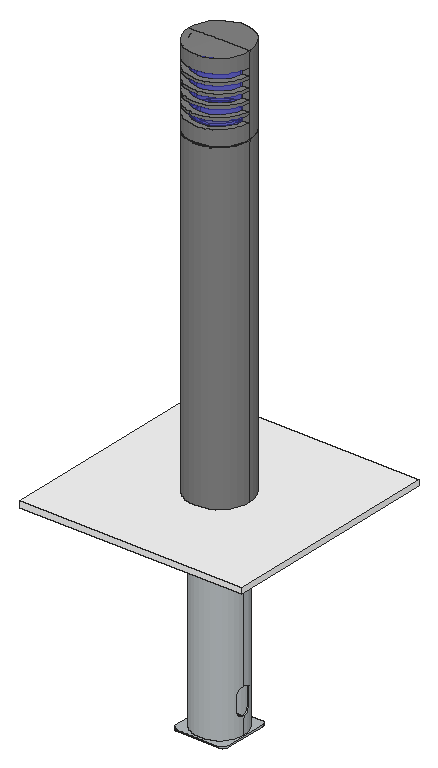
Revit family "BE_84316_de_DE", category Leuchten, Revit 2020
Family settings
  Basisbauteil = Fläche
  Bemaßung runder Anschluss = Durchmesser verwenden
  Teiletyp = Normal
  Beim Laden mit Abzugskörper schneiden = Ja
  Lichtquelle = Ja
  Gemeinsam genutzt = Nein
  Raumberechnungspunkt = Ja
Parameters (values of type "BEGA_84316_Grafit_K3")
  built-in parameter 1150104 = 17.866 (stored number, unit not read)
  Wattage = 3.9 W
  Default Elevation = 0 mm
  built-in parameter 1150113 = 1 (stored number, unit not read)
  built-in parameter 1114218 = 1 (stored number, unit not read)
  Umgebungstemperatur = "25 °C"
  URL = "https://www.bega.com/de/produkt/84316"
  Typenkommentare = "© 2022 BEGA. Wir behalten uns das Recht vor, technische Änderungen ohne vorherige Ankündigung vorzunehmen."  # constant formula
  Type Image = 84316.png
  built-in parameter 1150134 = (empty or 0)
  built-in parameter 1150109 = 1 (stored number, unit not read)
  Strom = ""
  built-in parameter 1150110 = 1 (stored number, unit not read)
  Spannung = 239.996 V
  Sonderanfertigung = no
  Seriennummer [instance] = "Hier können Sie die eindeutige Seriennummer für das Facility Management eintragen."
  Schutzklasse = "I"
  Schutzart = "IP 65"
  Scheinlast = 0 VA
  Produktdatenblatt = "https://cdn.bega.com/bega/products/84316AK3/current/documents/data-sheets/de"
  Oberflächentemperatur = ""
  Neigungswinkel = 0.00°
  Modell = "84316K3"
  Material_18 = BEGA_Gummi_schwarz
  Material_17 = BEGA_Reflektor
  Material_15 = BEGA_Leuchtmedium_matt
  Material_11 = BEGA_Glas_opal
  Material_09 = BEGA_Glas_klar
  Material_08 = BEGA_Oberfläche_Stahl_verzinkt
  Material_06 = BEGA_Oberfläche_Edelstahl_gebürstet
  Material_03 = BEGA_Oberfläche_Weiss_matt
  Material_02 = BEGA_Oberfläche_Silber_matt
  Material_01 [instance] = BEGA_Oberfläche_Grafit_matt
  M_W = no
  M_G = yes
  M_A = no
  Logo = 0
  built-in parameter 1114217 = 1 (stored number, unit not read)
  built-in parameter 1150139 = (empty or 0)
  built-in parameter 1150105 = 59.684 (stored number, unit not read)
  built-in parameter 1150114 = 1 (stored number, unit not read)
  Lumens = 750.009 lm
  built-in parameter 1150115 = 1 (stored number, unit not read)
  Leuchtenlichtstrom = "99 lm"
  Leuchtenanzahl = ""
  Lebensdauerkriterien = "L70B50 @ 25 °C = 200000 h"
  Lastklassifizierung = Beleuchtung
  built-in parameter 1150112 = 1 (stored number, unit not read)
  Lampenlichtstrom = "750 lm"
  Lampe = "LED 3.9 W"
  LED_Modulbezeichnung = "LED-0794/830"
  built-in parameter 1150142 = (empty or 0)
  Hersteller = "BEGA"  # constant formula
  Halbstreuwinkel = ""
  Gewicht = "5.25 kg"
  Gebrauchslageneinschränkung [instance] = ""
  Frequenz = "0/50-60 Hz"
  Farbwiedergabeindex = "CRI > 80"
  Farbtemperaturverschiebung bei Dämpfen der Lampe = <Keine Auswahl>
  Farbtemperatur = "3000 K"
  Color Filter = 16777215
  built-in parameter 1150133 = 10 (stored number, unit not read)
  Energieeffizienzklasse = "LED A++ - A"
  built-in parameter 1150137 = (empty or 0)
  built-in parameter 1150132 = (empty or 0)
  ENEC = "ja"
  Datei für fotometrisches Netz = "BE_84316K3.IES"
  CE_Konformität = "ja"
  Bestellnummer = "84316K3"
  Beschreibung_Sonderanfertigung = "Hier können Sie Informationen zur Sonderanfertigung eintragen."
  Beschreibung = "Garten- und Wegeleuchte"
  built-in parameter 1150106 = 0.59684 (stored number, unit not read)
  Befestigungsbohrung = ""
  Befestigungsabstand = ""
  Ballwurfsicher = ""
  BEGA_Intern_aus = yes
  BEGA_Intern_an = yes
  BEGA_Intern_Konstruktion = yes
  BEGA_Intern = yes
  BEGA_IES = yes
  BEGA_Dummy = no
  Anschlussleitung = ""
  Anschlussleistung [instance] = "5 W"
  built-in parameter 1150107 = 3000 (stored number, unit not read)
  built-in parameter 1150102 = (empty or 0)
  built-in parameter 1150138 = (empty or 0)
  Aktualisierung = "2022-05-19T04:00:07"
  Abstand_zur_angestrahlten_Fläche [instance] = ""
  AC/DC = "AC/DC"
Types (4, lengths in mm): name | built-in parameter 1150104 | built-in parameter 1150134 | Modell | M_G | M_A | built-in parameter 1150105 | Lumens | Leuchtenlichtstrom | Lampenlichtstrom | LED_Modulbezeichnung | Farbtemperatur | Datei für fotometrisches Netz | Bestellnummer | built-in parameter 1150106 | built-in parameter 1150107
  BEGA_84316_Grafit_K4 | 18.343 (stored number, unit not read) | 12 | "84316K4" | yes | no | 61.276 (stored number, unit not read) | 770.016 lm | "101 lm" | "770 lm" | "LED-0794/840" | "4000 K" | "BE_84316K4.IES" | "84316K4" | 0.61276 (stored number, unit not read) | 4000 (stored number, unit not read)
  BEGA_84316_Silber_K3 | 17.866 (stored number, unit not read) | (empty or 0) | "84316AK3" | no | yes | 59.684 (stored number, unit not read) | 750.009 lm | "99 lm" | "750 lm" | "LED-0794/830" | "3000 K" | "BE_84316K3.IES" | "84316AK3" | 0.59684 (stored number, unit not read) | 3000 (stored number, unit not read)
  BEGA_84316_Silber_K4 | 18.343 (stored number, unit not read) | 12 | "84316AK4" | no | yes | 61.276 (stored number, unit not read) | 770.016 lm | "101 lm" | "770 lm" | "LED-0794/840" | "4000 K" | "BE_84316K4.IES" | "84316AK4" | 0.61276 (stored number, unit not read) | 4000 (stored number, unit not read)
  BEGA_84316_Grafit_K3 | 17.866 (stored number, unit not read) | (empty or 0) | "84316K3" | yes | no | 59.684 (stored number, unit not read) | 750.009 lm | "99 lm" | "750 lm" | "LED-0794/830" | "3000 K" | "BE_84316K3.IES" | "84316K3" | 0.59684 (stored number, unit not read) | 3000 (stored number, unit not read)
Reference planes
  plane 1 "Mitte (Vorne/Hinten)": y = 0
  plane 2: z = 0
  plane 3 "Mitte (Links/Rechts)": x = 0
  plane 4 "Links": x = -55
  plane 5 "Rechts": x = 55.007
  plane 6 "Unten": y = -55
  plane 7 "Oben": y = 55
  plane 8 "Vorne": z = 730.771
  plane 9 "Hinten": z = -382.153
Forms (mm)
  Extrusion 1, solid, material "BEGA_Platte_Weiss"
    sketch origin (0, -1119.2, 0) x (1, 0, 0) y (0, 1, 0)
      loop
        line (-200, 1319.2) -> (-200, 919.2) -> (200, 919.2) -> (200, 1319.2) -> (-200, 1319.2)
    from 0 to -10
  Extrusion 2, solid, material "BEGA_Dummy_matt", visible <- "BEGA_Dummy"
    sketch origin (77.149, -76.023, 0) x (1, 0, 0) y (0, 1, 0)
      loop
        circle (-77.149, 76.023) r 63.378
    from 0 to 730.771
Dimensions and locks
  plane 1 "Mitte (Vorne/Hinten)" to Extrusion 1 = 200 mm
  aligned and locked: plane 2 to Extrusion 1
  aligned and locked: level to Extrusion 1
Nested families
  nested 1: "84316" at (0, 0, 0), type "84316"
Connectors
  electrical at (0, 0, 0), driven by "Lastklassifizierung", driven by "Spannung", driven by "Scheinlast"
    settings: index 1, voltage 239.996 V, apparent load 0 VA, apparent load phase1 0 VA, apparent load phase2 0 VA, apparent load phase3 0 VA, power factor 1, load classification "Beleuchtung", number of poles 1, system type 31, power factor state 1, is connector primary yes, connector utility no, sub classification motor no, connector description ""
Definition of nested family "84316"
  Parameters (values of type "84316")
    Default Elevation = 1 mm
    URL = "http://www.bega.de/de/produkt"
    Type Comments = "© 2015 BEGA. Wir behalten uns das Recht vor, technische Änderungen ohne vorherige Ankündigung vorzunehmen. "  # constant formula
    Type Image = (empty or 0)
    Neigungswinkel_um_Z2 = 0.00°
    Neigungswinkel_um_Z1 = 0.00°
    Neigungswinkel_um_Y2 = 0.00°
    Neigungswinkel_um_Y1 = 0.00°
    Neigungswinkel_um_X2 = 0.00°
    Neigungswinkel_um_X1 = 0.00°
    Material_18 = none
    Material_17 = none
    Material_15 = none
    Material_11 = none
    Material_09 = none
    Material_08 = none
    Material_06 = none
    Material_02 = none
    Material_01 = none
    M_W = yes
    M_G = yes
    M_A = yes
    Länge_Platte = 200 mm  # constant formula
    Höhe_Platte = -10 mm  # constant formula
    Manufacturer = "BEGA"  # constant formula
    Drehwinkel_um_Z2 = 0.00°
    Drehwinkel_um_Z1 = 0.00°
    Breite_Platte = 200 mm  # constant formula
  Reference planes
    plane 1 "Mitte (Oben/Unten)": y = 0
    plane 2: z = 0
    plane 3 "Mitte (Links/Rechts)": x = 0
    plane 4 "Links": x = -55
    plane 5 "Rechts": x = 55.007
    plane 6 "Oben": y = 55
    plane 7 "Unten": y = -55
    plane 8: z = -382.153
    plane 9: z = 730.771
  Forms (mm)
    Extrusion 1, solid, detail levels medium
      sketch origin (0, 0, 0) x (1, 0, 0) y (0, 1, 0)
        loop
          line (-100, 100) -> (-100, -100) -> (100, -100) -> (100, 100) -> (-100, 100)
      from 0 to -10 <- "Höhe_Platte"
    Revolve 2, solid, material <- "Material_18"
      sketch origin (0, 0, 0) x (1, 0, 0) y (0, 0, 1)
        loop
          circle (-42.401, 606.979) r 2.45
        axis (0, 606.979) -> (0, 605.979)
      angle from 0 to 360
    Revolve 3, solid, material <- "Material_08"
      sketch origin (0, 0, 0) x (1, 0, 0) y (0, 0, 1)
        loop
          line (-44.52, 120) -> (-44.52, -380.153) -> (-42.5, -380.153) -> (-42.5, 120) -> (-44.52, 120)
        axis (0, 120) -> (0, -380.153)
      angle from 0 to 360
    Extrusion 4, void
      sketch origin (0, 0, 0) x (0, 1, 0) y (0, 0, 1)
        loop
          line (-15.08, -315.039) -> (-15.08, -335.039)
          arc (-15.08, -335.039) -> (-0.08, -350.039) -> (14.92, -335.039) r 15
          line (14.92, -335.039) -> (14.92, -315.039)
          arc (14.92, -315.039) -> (-0.08, -300.039) -> (-15.08, -315.039) r 15
      from -47.8 to 47.8
    Revolve 5, solid, material <- "Material_01", visible <- "M_G"
      sketch origin (0, 0, 0) x (1, 0, 0) y (0, 0, 1)
        loop
          line (-55, 585.457) -> (-55, 0) -> (-53, 0) -> (-53, 566.457) -> (-43.122, 566.457) -> (-43.122, 603.547) -> (-45.358, 603.547) -> (-45.358, 608.328) -> (-51.426, 608.328) -> (-51.426, 587.457) -> (-54, 587.457) -> (-54, 585.457) -> (-55, 585.457)
        axis (0, 608.328) -> (0, 0)
      angle from 0 to 360
    Revolve 6, solid, material <- "Material_01", visible <- "M_G"
      sketch origin (0, 0, 0) x (1, 0, 0) y (0, 0, 1)
        loop
          line (-0.008, 727.705) -> (-0.008, 730.771) -> (-55, 729.936) -> (-55, 587.757) -> (-52.384, 587.757) -> (-52.384, 609.883) -> (-45.886, 609.883) -> (-44.277, 727.705) -> (-0.008, 727.705)
        axis (-0.008, 730.771) -> (-0.008, 587.757)
      angle from 0 to 360
    Extrusion 7, solid, material <- "Material_08"
      sketch origin (0, 0, 0) x (1, 0, 0) y (0, 1, 0)
        loop
          arc (-37.773, 47.786) -> (-44.844, 44.857) -> (-47.773, 37.786) r 10
          line (-47.773, 37.786) -> (-47.773, -37.714)
          arc (-47.773, -37.714) -> (-44.844, -44.785) -> (-37.773, -47.714) r 10
          line (-37.773, -47.714) -> (37.955, -47.714)
          arc (37.955, -47.714) -> (45.026, -44.785) -> (47.955, -37.714) r 10
          line (47.955, -37.714) -> (47.955, 37.786)
          arc (47.955, 37.786) -> (45.026, 44.857) -> (37.955, 47.786) r 10
          line (37.955, 47.786) -> (-37.773, 47.786)
        loop
          circle (0, 0) r 42.5
      from -382.153 to -380.153
    Revolve 8, solid, material <- "Material_11"
      sketch origin (0, 0, 0) x (1, 0, 0) y (0, 0, 1)
        loop
          line (0, 718.457) -> (-43.079, 718.457) -> (-44.998, 608.489) -> (-38, 608.489) -> (-38, 582.457) -> (-33.892, 582.457) -> (-33.892, 612.258) -> (-40.893, 612.258) -> (-39.109, 714.457) -> (0, 714.457) -> (0, 718.457)
        axis (0, 718.457) -> (0, 582.457)
      angle from 0 to 360
    Revolve 9, solid, material <- "Material_02", visible <- "M_A"
      sketch origin (0, 0, 0) x (1, 0, 0) y (0, 0, 1)
        loop
          line (-55, 585.457) -> (-55, 0) -> (-53, 0) -> (-53, 566.457) -> (-43.122, 566.457) -> (-43.122, 603.547) -> (-45.358, 603.547) -> (-45.358, 608.328) -> (-51.426, 608.328) -> (-51.426, 587.457) -> (-54, 587.457) -> (-54, 585.457) -> (-55, 585.457)
        axis (0, 608.328) -> (0, 0)
      angle from 0 to 360
    Extrusion 10, void
      sketch origin (0, 0, 0) x (0, 1, 0) y (0, 0, 1)
        loop
          line (-59.221, 704.733) -> (-59.221, 690.764) -> (-3, 690.764) -> (-3, 704.733) -> (-59.221, 704.733)
        loop
          line (-59.221, 685.764) -> (-59.221, 671.751) -> (-3, 671.751) -> (-3, 685.764) -> (-59.221, 685.764)
        loop
          line (-59.221, 666.808) -> (-59.221, 652.752) -> (-3, 652.752) -> (-3, 666.808) -> (-59.221, 666.808)
        loop
          line (-59.221, 647.777) -> (-59.221, 633.732) -> (-3, 633.732) -> (-3, 647.777) -> (-59.221, 647.777)
        loop
          line (-59.221, 628.789) -> (-59.221, 614.768) -> (-3, 614.768) -> (-3, 628.789) -> (-59.221, 628.789)
      from -60 to 60
    Revolve 11, solid, material <- "Material_02", visible <- "M_A"
      sketch origin (0, 0, 0) x (1, 0, 0) y (0, 0, 1)
        loop
          line (-0.008, 727.705) -> (-0.008, 730.771) -> (-55, 729.936) -> (-55, 587.757) -> (-52.384, 587.757) -> (-52.384, 609.883) -> (-45.886, 609.883) -> (-44.277, 727.705) -> (-0.008, 727.705)
        axis (-0.008, 730.771) -> (-0.008, 587.757)
      angle from 0 to 360
  Cuts and joins
    Extrusion 4 cuts Revolve 3
    joined: Revolve 3, Extrusion 7
    Extrusion 10 cuts Revolve 6
    Extrusion 10 cuts Revolve 11
  Dimensions and locks
    equal spacing: Extrusion 1 sketch curve, plane 3 "Mitte (Links/Rechts)", Extrusion 1 sketch curve
    equal spacing: Extrusion 1 sketch curve, plane 1 "Mitte (Oben/Unten)", Extrusion 1 sketch curve
    "Länge_Platte": Extrusion 1 sketch curve to Extrusion 1 sketch curve
    "Breite_Platte": Extrusion 1 sketch curve to Extrusion 1 sketch curve
    aligned and locked: plane 2 to Extrusion 1
    aligned and locked: level to Extrusion 1
  Automatic sketch dimensions
    Revolve 3 sketch curve to plane 3 "Mitte (Links/Rechts)" = 0 mm
    Revolve 3 sketch curve to plane 3 "Mitte (Links/Rechts)" = 42.5 mm
    Revolve 3 sketch curve to Revolve 3 sketch curve = 2.02 mm
    Revolve 3 sketch curve to Revolve 3 sketch curve = 14.847 mm
    Revolve 3 sketch curve to Revolve 3 sketch curve = 10 mm
    plane 1 "Mitte (Oben/Unten)" to Extrusion 4 sketch curve = 0.08 mm
    Extrusion 4 sketch curve to plane 1 "Mitte (Oben/Unten)" = 14.92 mm
    Extrusion 4 sketch curve to Extrusion 4 sketch curve = 20 mm
    plane 1 "Mitte (Oben/Unten)" to Extrusion 7 sketch curve = 0 mm
    Extrusion 7 sketch curve to plane 3 "Mitte (Links/Rechts)" = 0 mm
    Extrusion 7 sketch curve to plane 3 "Mitte (Links/Rechts)" = 37.773 mm  (x2)
    Extrusion 7 sketch curve to Extrusion 7 sketch curve = 10 mm  (x2)
    plane 3 "Mitte (Links/Rechts)" to Extrusion 7 sketch curve = 37.955 mm  (x2)
    plane 1 "Mitte (Oben/Unten)" to Extrusion 7 sketch curve = 37.714 mm
    Extrusion 7 sketch curve to plane 1 "Mitte (Oben/Unten)" = 37.786 mm
    Revolve 3 sketch curve to level = 380.153 mm
    Extrusion 4 sketch curve to level = 335.039 mm
    level to Revolve 3 sketch curve = 120 mm
    Revolve 2 sketch curve to plane 3 "Mitte (Links/Rechts)" = 0 mm
    plane 4 "Links" to Revolve 2 sketch curve = 12.599 mm
    Revolve 2 sketch curve to plane 9 = 123.792 mm
    Revolve 2 sketch curve to Revolve 2 sketch curve = 27.982 mm
    Revolve 2 sketch curve to Revolve 2 sketch curve = 25 mm
    Revolve 5 sketch curve to level = 0 mm
    Revolve 5 sketch curve to plane 4 "Links" = 0 mm
    Revolve 5 sketch curve to plane 3 "Mitte (Links/Rechts)" = 0 mm
    plane 4 "Links" to Revolve 5 sketch curve = 1 mm
    Revolve 5 sketch curve to Revolve 5 sketch curve = 1 mm
    plane 4 "Links" to Revolve 5 sketch curve = 3.574 mm
    Revolve 5 sketch curve to Revolve 5 sketch curve = 6.069 mm
    Revolve 5 sketch curve to Revolve 5 sketch curve = 2.235 mm
    Revolve 5 sketch curve to plane 9 = 145.314 mm
    Revolve 5 sketch curve to Revolve 5 sketch curve = 2 mm
    Revolve 5 sketch curve to Revolve 5 sketch curve = 16.09 mm
    Revolve 5 sketch curve to Revolve 5 sketch curve = 4.781 mm
    Revolve 5 sketch curve to level = 13.31 mm
    Revolve 5 sketch curve to Revolve 5 sketch curve = 19 mm
    Revolve 5 sketch curve to Revolve 5 sketch curve = 5.283 mm
    Revolve 8 sketch curve to plane 3 "Mitte (Links/Rechts)" = 0 mm  (x2)
    plane 4 "Links" to Revolve 8 sketch curve = 21.108 mm
    Revolve 8 sketch curve to Revolve 8 sketch curve = 4.108 mm
    plane 4 "Links" to Revolve 8 sketch curve = 15.891 mm
    Revolve 8 sketch curve to Revolve 8 sketch curve = 2.893 mm
    Revolve 8 sketch curve to Revolve 8 sketch curve = 3.969 mm
    Revolve 8 sketch curve to Revolve 8 sketch curve = 4.105 mm
    Revolve 8 sketch curve to plane 9 = 148.314 mm
    Revolve 8 sketch curve to Revolve 8 sketch curve = 26.032 mm
    Revolve 8 sketch curve to Revolve 8 sketch curve = 3.769 mm
    Revolve 8 sketch curve to plane 9 = 16.314 mm
    Revolve 8 sketch curve to Revolve 8 sketch curve = 4 mm
    Revolve 8 sketch curve to Revolve 8 sketch curve = 1.686 mm
    Revolve 8 sketch curve to Revolve 8 sketch curve = 2.314 mm
    Revolve 9 sketch curve to level = 0 mm
    Revolve 9 sketch curve to plane 4 "Links" = 0 mm
    Revolve 9 sketch curve to plane 3 "Mitte (Links/Rechts)" = 0 mm
    plane 4 "Links" to Revolve 9 sketch curve = 1 mm
    Revolve 9 sketch curve to Revolve 9 sketch curve = 2 mm  (x2)
    plane 4 "Links" to Revolve 9 sketch curve = 3.574 mm
    Revolve 9 sketch curve to Revolve 9 sketch curve = 6.069 mm
    Revolve 9 sketch curve to Revolve 9 sketch curve = 2.235 mm
    Revolve 9 sketch curve to plane 9 = 164.314 mm
    Revolve 9 sketch curve to Revolve 9 sketch curve = 19 mm
    Revolve 9 sketch curve to Revolve 9 sketch curve = 16.09 mm
    Revolve 9 sketch curve to Revolve 9 sketch curve = 4.781 mm
    Revolve 9 sketch curve to level = 13.31 mm
    Revolve 9 sketch curve to Revolve 9 sketch curve = 5.283 mm
    Revolve 6 sketch curve to plane 4 "Links" = 0 mm
    Revolve 6 sketch curve to plane 9 = 0 mm
    plane 4 "Links" to Revolve 6 sketch curve = 2.616 mm
    Revolve 6 sketch curve to plane 3 "Mitte (Links/Rechts)" = 0.008 mm  (x2)
    Revolve 6 sketch curve to plane 9 = 0.835 mm
    Revolve 6 sketch curve to Revolve 6 sketch curve = 117.822 mm
    Revolve 6 sketch curve to Revolve 6 sketch curve = 22.126 mm
    Revolve 6 sketch curve to Revolve 6 sketch curve = 6.498 mm
    plane 4 "Links" to Revolve 6 sketch curve = 10.723 mm
    Revolve 6 sketch curve to plane 9 = 3.066 mm
    Revolve 6 sketch curve to plane 9 = 0.019 mm
    Revolve 6 sketch curve to Revolve 6 sketch curve = 0 mm
    Extrusion 10 sketch curve to plane 7 "Unten" = 4.221 mm  (x5)
    plane 1 "Mitte (Oben/Unten)" to Extrusion 10 sketch curve = 3 mm  (x5)
    Extrusion 10 sketch curve to plane 9 = 116.003 mm
    Extrusion 10 sketch curve to Extrusion 10 sketch curve = 14.021 mm
    Extrusion 10 sketch curve to Extrusion 10 sketch curve = 4.943 mm  (x2)
    Extrusion 10 sketch curve to Extrusion 10 sketch curve = 14.046 mm
    Extrusion 10 sketch curve to Extrusion 10 sketch curve = 4.975 mm
    Extrusion 10 sketch curve to Extrusion 10 sketch curve = 14.056 mm
    Extrusion 10 sketch curve to Extrusion 10 sketch curve = 14.014 mm
    Extrusion 10 sketch curve to Extrusion 10 sketch curve = 5 mm
    Extrusion 10 sketch curve to Extrusion 10 sketch curve = 13.969 mm
    Revolve 11 sketch curve to plane 4 "Links" = 0 mm
    Revolve 11 sketch curve to plane 9 = 0 mm
    plane 4 "Links" to Revolve 11 sketch curve = 2.616 mm
    Revolve 11 sketch curve to Revolve 11 sketch curve = 6.498 mm
    Revolve 11 sketch curve to plane 9 = 3.066 mm
    plane 4 "Links" to Revolve 11 sketch curve = 10.723 mm
    Revolve 11 sketch curve to plane 3 "Mitte (Links/Rechts)" = 0.008 mm  (x2)
    Revolve 11 sketch curve to Revolve 11 sketch curve = 117.822 mm
    Revolve 11 sketch curve to Revolve 11 sketch curve = 22.126 mm
    Revolve 11 sketch curve to plane 9 = 0.835 mm
    Revolve 11 sketch curve to Revolve 11 sketch curve = 0 mm
    Revolve 11 sketch curve to plane 9 = 0.019 mm
    radius of Extrusion 7 sketch curve = 42.5 mm
    radius of Revolve 2 sketch curve = 2.45 mm
